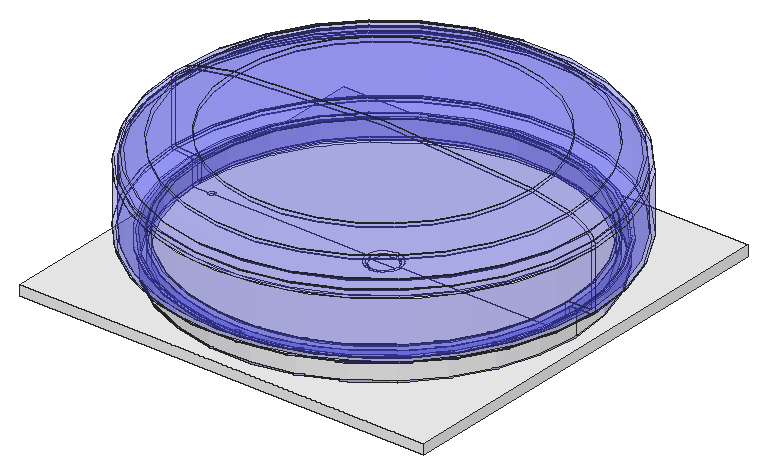
Revit family "BE_50034_de_DE", category Leuchten, Revit 2020
Family settings
  Basisbauteil = Fläche
  Bemaßung runder Anschluss = Durchmesser verwenden
  Teiletyp = Normal
  Beim Laden mit Abzugskörper schneiden = Ja
  Lichtquelle = Ja
  Gemeinsam genutzt = Nein
  Raumberechnungspunkt = Ja
Parameters (values of type "BEGA_50034_K3")
  built-in parameter 1150104 = 11.669 (stored number, unit not read)
  Wattage = 43.5 W
  Default Elevation = 0 mm
  built-in parameter 1150113 = 1 (stored number, unit not read)
  built-in parameter 1114218 = 1 (stored number, unit not read)
  Umgebungstemperatur = "25 °C"
  URL = "https://www.bega.com/de/produkt/50034"
  Typenkommentare = "© 2022 BEGA. Wir behalten uns das Recht vor, technische Änderungen ohne vorherige Ankündigung vorzunehmen."  # constant formula
  built-in parameter 1150134 = (empty or 0)
  built-in parameter 1150109 = 1 (stored number, unit not read)
  Strom = ""
  built-in parameter 1150110 = 1 (stored number, unit not read)
  Spannung = 239.996 V
  Sonderanfertigung = no
  Seriennummer [instance] = "Hier können Sie die eindeutige Seriennummer für das Facility Management eintragen."
  Schutzklasse = "I"
  Schutzart = "IP 20"
  Scheinlast = 0 VA
  Produktdatenblatt = "http://www.bega.de/download/Xrfa/db/50034.db.de.pdf"
  Oberflächentemperatur = ""
  Neigungswinkel = 0.00°
  Model = "50034K2"
  Material_17 = BEGA_Reflektor
  Material_15 = BEGA_Leuchtmedium_matt
  Material_11 = BEGA_Glas_opal
  Material_09 = BEGA_Glas_klar
  Material_06 = BEGA_Oberfläche_Edelstahl_gebürstet
  Material_03 = BEGA_Oberfläche_Weiss_matt
  Material_02 = BEGA_Oberfläche_Silber_matt
  Material_01 [instance] = BEGA_Oberfläche_Grafit_matt
  M_W = no
  M_G = no
  M_A = no
  Logo = 0
  built-in parameter 1114217 = 1 (stored number, unit not read)
  built-in parameter 1150139 = (empty or 0)
  built-in parameter 1150105 = 1101.3 (stored number, unit not read)
  built-in parameter 1150114 = 1 (stored number, unit not read)
  Lumens = 5463.6 lm
  built-in parameter 1150115 = 1 (stored number, unit not read)
  Leuchtenlichtstrom = "3387 lm"
  Leuchtenanzahl = ""
  Lebensdauerkriterien = "L70B50 @ 25 °C = 139000 h"
  Lastklassifizierung = Beleuchtung
  built-in parameter 1150112 = 1 (stored number, unit not read)
  Lampenlichtstrom = "5465 lm"
  Lamp = "LED 43.5 W"
  LED_Modulbezeichnung = "LED-0630/927"
  Hersteller = "BEGA"  # constant formula
  Halbstreuwinkel = ""
  Gewicht = "4.5 kg"
  Gebrauchslageneinschränkung [instance] = ""
  Frequenz = "0/50-60 Hz"
  Farbwiedergabeindex = "CRI > 90"
  Farbtemperaturverschiebung bei Dämpfen der Lampe = <Keine Auswahl>
  Farbtemperatur = "2700 K"
  Color Filter = 16777215
  built-in parameter 1150133 = 10 (stored number, unit not read)
  Energieeffizienzklasse = "LED A++ - A"
  built-in parameter 1150137 = (empty or 0)
  built-in parameter 1150132 = (empty or 0)
  ENEC = "ja"
  Dimmbar [instance] = ""
  Photometric Web File = "BE_50034K2.IES"
  CE_Konformität = "ja"
  Bestellnummer = "50034K2"
  Beschreibung_Sonderanfertigung = "Hier können Sie Informationen zur Sonderanfertigung eintragen."
  Beschreibung = "Decken- und Wandleuchte"
  built-in parameter 1150106 = 11.013 (stored number, unit not read)
  Befestigungsbohrung = "Ø 6 mm"
  Befestigungsabstand = "340 mm"
  Ballwurfsicher = ""
  BEGA_Intern_aus = yes
  BEGA_Intern_an = yes
  BEGA_Intern_Konstruktion = yes
  BEGA_Intern = yes
  BEGA_IES = yes
  BEGA_Dummy = no
  Anschlussleitung = ""
  Anschlussleistung [instance] = "48.7 W"
  Anschlusskasten = ""
  built-in parameter 1150107 = 2700 (stored number, unit not read)
  built-in parameter 1150102 = (empty or 0)
  built-in parameter 1150138 = (empty or 0)
  Aktualisierung = "2020-05-11T04:00:10"
  Abstand_zur_angestrahlten_Fläche [instance] = ""
  AC/DC = "AC/DC"
Types (3, lengths in mm): name | built-in parameter 1150104 | Model | built-in parameter 1150105 | Lumens | Leuchtenlichtstrom | Lampenlichtstrom | LED_Modulbezeichnung | Farbtemperatur | Photometric Web File | Bestellnummer | built-in parameter 1150106
  BEGA_50034_K3 | 11.762 (stored number, unit not read) | "50034K3" | 1110.1 (stored number, unit not read) | 5507.1 lm | "3988 lm" | "6435 lm" | "LED-0630/930" | "3000 K" | "BE_50034K3.IES" | "50034K3" | 11.101 (stored number, unit not read)
  BEGA_50034_K4 | 12.18 (stored number, unit not read) | "50034K4" | 453.82 (stored number, unit not read) | 5702.85 lm | "3988 lm" | "6435 lm" | "LED-0630/930" | "4000 K" | "BE_50034K4.IES" | "50034K4" | 4.5382 (stored number, unit not read)
  BEGA_50034_K27 | 12.18 (stored number, unit not read) | "50034K27" | 453.82 (stored number, unit not read) | 5702.85 lm | "3858 lm" | "6225 lm" | "LED-0630/927" | "2700 K" | "BE_50034K27.IES" | "50034K27" | 4.5382 (stored number, unit not read)
Reference planes
  plane 1 "Mitte (Vorne/Hinten)": y = 0
  plane 2: z = 0
  plane 3 "Mitte (Links/Rechts)": x = 0
  plane 4 "Links": x = -210
  plane 5 "Rechts": x = 210
  plane 6 "Unten": y = -210
  plane 7 "Oben": y = 210
  plane 8 "Vorne": z = 127.8
  plane 9 "Hinten": z = 0
Forms (mm)
  Extrusion 1, solid, material "BEGA_Platte_Weiss"
    sketch origin (0, -1119.2, 0) x (1, 0, 0) y (0, 1, 0)
      loop
        line (-200, 1319.2) -> (-200, 919.2) -> (200, 919.2) -> (200, 1319.2) -> (-200, 1319.2)
    from 0 to -10
  Extrusion 2, solid, material "BEGA_Dummy_matt", visible <- "BEGA_Dummy"
    sketch origin (77.149, -76.023, 0) x (1, 0, 0) y (0, 1, 0)
      loop
        circle (-77.149, 76.023) r 210
    from 0 to 127.8
Dimensions and locks
  plane 1 "Mitte (Vorne/Hinten)" to Extrusion 1 = 200 mm
  aligned and locked: plane 2 to Extrusion 1
  aligned and locked: level to Extrusion 1
Nested families
  nested 1: "BE_50034" at (0, 0, 0) x (0, -1, 0) z (0, 0, 1), type "BE_50034"
Connectors
  electrical at (0, 0, 0), driven by "Lastklassifizierung", driven by "Spannung", driven by "Scheinlast"
    settings: index 1, voltage 239.996 V, apparent load 0 VA, apparent load phase1 0 VA, apparent load phase2 0 VA, apparent load phase3 0 VA, power factor 1, load classification "Beleuchtung", number of poles 1, system type 31, power factor state 1, is connector primary yes, connector utility no, sub classification motor no, connector description ""
Definition of nested family "BE_50034"
  Parameters (values of type "BE_50034")
    Default Elevation = 1 mm
    URL = "http://www.bega.de/de/produkt"
    Type Comments = "© 2015 BEGA. Wir behalten uns das Recht vor, technische Änderungen ohne vorherige Ankündigung vorzunehmen. "  # constant formula
    Type Image = (empty or 0)
    Neigungswinkel_um_Z2 = 0.00°
    Neigungswinkel_um_Z1 = 0.00°
    Neigungswinkel_um_Y2 = 0.00°
    Neigungswinkel_um_Y1 = 0.00°
    Neigungswinkel_um_X2 = 0.00°
    Neigungswinkel_um_X1 = 0.00°
    Material_17 = none
    Material_15 = none
    Material_11 = none
    Material_09 = none
    Material_06 = none
    Material_05 = none
    Material_03 = none
    Material_02 = none
    Material_01 = none
    M_W = yes
    M_G = yes
    M_A = yes
    Länge_Platte = 600 mm  # constant formula
    Höhe_Platte = -10 mm  # constant formula
    Manufacturer = "BEGA"  # constant formula
    Drehwinkel_um_Z2 = 0.00°
    Drehwinkel_um_Z1 = 0.00°
    Breite_Platte = 600 mm  # constant formula
  Reference planes
    plane 1 "Mitte (Oben/Unten)": y = 0
    plane 2: z = 0
    plane 3 "Mitte (Links/Rechts)": x = 0
    plane 4: y = 210
    plane 5: z = 127.8
    plane 6: y = -210
    plane 7: x = -210
    plane 8: x = 210
  Forms (mm)
    Extrusion 1, solid, detail levels medium
      sketch origin (0, 0, 0) x (1, 0, 0) y (0, 1, 0)
        loop
          line (-300, 300) -> (-300, -300) -> (300, -300) -> (300, 300) -> (-300, 300)
      from 0 to -10 <- "Höhe_Platte"
    Revolve 2, solid, material <- "Material_03", detail levels medium+fine
      sketch origin (0, 0, 0) x (0, 1, 0) y (0, 0, 1)
        loop
          arc (16.416, 3.3) -> (15.11, 2.929) -> (14.191, 1.93) r 2.5
          arc (14.191, 1.93) -> (13.639, 1.325) -> (12.852, 1.1) r 1.5
          line (12.852, 1.1) -> (0.002, 1.1) -> (0.002, 0.1) -> (13.076, 0.1)
          arc (13.076, 0.1) -> (14.387, 0.471) -> (15.313, 1.475) r 2.5
          arc (15.313, 1.475) -> (15.866, 2.077) -> (16.653, 2.3) r 1.5
          line (16.653, 2.3) -> (188.667, 2.3)
          arc (188.667, 2.3) -> (190.064, 2.868) -> (190.667, 4.25) r 2
          line (190.667, 4.25) -> (191.038, 25.509)
          arc (191.038, 25.509) -> (191.277, 26.071) -> (191.842, 26.3) r 0.8
          line (191.842, 26.3) -> (194, 26.3) -> (194, 27.3) -> (191.844, 27.3)
          arc (191.844, 27.3) -> (190.578, 26.786) -> (190.038, 25.531) r 1.8
          line (190.038, 25.531) -> (189.667, 4.275)
          arc (189.667, 4.275) -> (189.365, 3.584) -> (188.667, 3.3) r 1
          line (188.667, 3.3) -> (16.416, 3.3)
        axis (0.002, 0.1) -> (0.002, 27.3)
      angle from 0 to 360
    Revolve 3, solid, material <- "Material_03", detail levels medium+fine
      sketch origin (87.5, 0, 0) x (0, 1, 0) y (0, 0, 1)
        loop
          line (151.554, 0) -> (151.554, 2.691) -> (145.799, 2.691)
          arc (145.799, 2.691) -> (148.377, 0.706) -> (151.554, 0) r 7.5
        axis (151.554, 2.691) -> (151.554, 0)
      angle from 0 to 360
    Extrusion 4, void
      sketch origin (0, 0, 0) x (1, 0, 0) y (0, 1, 0)
        loop
          circle (163, 18) r 8.5
        loop
          circle (163, -18) r 8.5
        loop
          circle (0, 170) r 3
        loop
          circle (0, -170) r 3
      from 0 to 7.205
    Revolve 5, solid, material <- "Material_11", detail levels medium+fine
      sketch origin (0, 0, 0) x (0, 1, 0) y (0, 0, 1)
        loop
          arc (185.037, 111.947) -> (166.501, 116.443) -> (147.656, 119.387) r 230
          arc (147.656, 119.387) -> (73.948, 125.695) -> (0, 127.8) r 1299.91
          line (0, 127.8) -> (0, 123.8)
          arc (0, 123.8) -> (73.763, 121.699) -> (147.287, 115.403) r 1295.91
          arc (147.287, 115.403) -> (165.775, 112.509) -> (183.961, 108.094) r 226
          arc (183.961, 108.094) -> (193.162, 104.323) -> (201.339, 98.662) r 46
          arc (201.339, 98.662) -> (203.744, 95.883) -> (205.275, 92.542) r 13
          arc (205.275, 92.542) -> (205.818, 90.189) -> (206, 87.78) r 16
          line (206, 87.78) -> (206, 32.958) -> (182.901, 31.748)
          arc (182.901, 31.748) -> (180.841, 30.798) -> (180, 28.691) r 3.061
          line (180, 28.691) -> (180, 10.3) -> (184, 10.3) -> (184, 26.851)
          arc (184, 26.851) -> (184.275, 27.539) -> (184.948, 27.85) r 1
          line (184.948, 27.85) -> (207.172, 29.014)
          arc (207.172, 29.014) -> (209.181, 29.95) -> (210, 32.009) r 3
          line (210, 32.009) -> (210, 87.839)
          arc (210, 87.839) -> (209.678, 91.376) -> (208.735, 94.8) r 20
          arc (208.735, 94.8) -> (206.78, 98.538) -> (203.964, 101.679) r 17
          arc (203.964, 101.679) -> (195.06, 107.844) -> (185.037, 111.947) r 50
        axis (0, 127.8) -> (0, 10.3)
      angle from 0 to 360
    Revolve 6, solid, material <- "Material_03", detail levels medium+fine
      sketch origin (-43.75, -75.777, 0) x (0.866025, -0.5, 0) y (0, 0, 1)
        loop
          line (151.554, 0) -> (151.554, 2.691) -> (145.799, 2.691)
          arc (145.799, 2.691) -> (148.377, 0.706) -> (151.554, 0) r 7.5
        axis (151.554, 2.691) -> (151.554, 0)
      angle from 0 to 360
    Revolve 7, solid, material <- "Material_03", detail levels medium+fine
      sketch origin (-43.75, 75.777, 0) x (-0.866025, -0.5, 0) y (0, 0, 1)
        loop
          line (151.554, 0) -> (151.554, 2.691) -> (145.799, 2.691)
          arc (145.799, 2.691) -> (148.377, 0.706) -> (151.554, 0) r 7.5
        axis (151.554, 2.691) -> (151.554, 0)
      angle from 0 to 360
  Cuts and joins
    Extrusion 4 cuts Revolve 2
    Extrusion 4 cuts Revolve 3
    joined: Revolve 2, Revolve 3, Revolve 6, Revolve 7
  Dimensions and locks
    equal spacing: Extrusion 1 sketch curve, plane 3 "Mitte (Links/Rechts)", Extrusion 1 sketch curve
    equal spacing: Extrusion 1 sketch curve, plane 1 "Mitte (Oben/Unten)", Extrusion 1 sketch curve
    "Länge_Platte": Extrusion 1 sketch curve to Extrusion 1 sketch curve
    "Breite_Platte": Extrusion 1 sketch curve to Extrusion 1 sketch curve
    aligned and locked: Extrusion 1 to plane 2
    aligned and locked: level to Extrusion 1
  Automatic sketch dimensions
    Revolve 2 sketch curve to Revolve 2 sketch curve = 0 mm  (x14)
    level to Revolve 2 sketch curve = 2.6 mm
    Revolve 2 sketch curve to plane 1 "Mitte (Oben/Unten)" = 12.849 mm
    Revolve 2 sketch curve to Revolve 2 sketch curve = 0.003 mm
    Revolve 2 sketch curve to Revolve 2 sketch curve = 0.227 mm
    Revolve 2 sketch curve to Revolve 2 sketch curve = 3.34 mm
    level to Revolve 2 sketch curve = 0.8 mm
    Revolve 2 sketch curve to Revolve 2 sketch curve = 0.005 mm
    Revolve 2 sketch curve to Revolve 2 sketch curve = 0.236 mm
    level to Revolve 2 sketch curve = 3.3 mm
    level to Revolve 2 sketch curve = 4.275 mm
    Revolve 2 sketch curve to Revolve 2 sketch curve = 1 mm  (x6)
    level to Revolve 2 sketch curve = 4.25 mm
    Revolve 2 sketch curve to Revolve 2 sketch curve = 0.8 mm
    Revolve 2 sketch curve to Revolve 2 sketch curve = 0.004 mm  (x2)
    Revolve 2 sketch curve to Revolve 2 sketch curve = 0.002 mm
    Revolve 2 sketch curve to Revolve 2 sketch curve = 2.158 mm
    level to Revolve 2 sketch curve = 0.1 mm
    Revolve 2 sketch curve to Revolve 2 sketch curve = 21.25 mm
    Revolve 2 sketch curve to Revolve 2 sketch curve = 0.009 mm
    Revolve 2 sketch curve to plane 1 "Mitte (Oben/Unten)" = 0.002 mm
    Revolve 2 sketch curve to Revolve 2 sketch curve = 1.118 mm
    Revolve 3 sketch curve to Revolve 3 sketch curve = 0 mm  (x3)
    Revolve 3 sketch curve to Revolve 3 sketch curve = 4.809 mm
    Revolve 3 sketch curve to Revolve 3 sketch curve = 2.309 mm
    Revolve 3 sketch curve to Revolve 3 sketch curve = 5.756 mm
    Revolve 6 sketch curve to Revolve 6 sketch curve = 0 mm  (x3)
    Revolve 6 sketch curve to Revolve 6 sketch curve = 4.809 mm
    Revolve 6 sketch curve to Revolve 6 sketch curve = 2.309 mm
    Revolve 6 sketch curve to Revolve 6 sketch curve = 5.756 mm
    Revolve 7 sketch curve to Revolve 7 sketch curve = 0 mm  (x3)
    Revolve 7 sketch curve to Revolve 7 sketch curve = 4.809 mm
    Revolve 7 sketch curve to Revolve 7 sketch curve = 2.309 mm
    Revolve 7 sketch curve to Revolve 7 sketch curve = 5.756 mm
    Revolve 3 sketch curve to level = 0 mm
    Revolve 6 sketch curve to level = 0 mm
    level to Revolve 7 sketch curve = 0 mm
    plane 1 "Mitte (Oben/Unten)" to Extrusion 4 sketch curve = 18 mm
    Extrusion 4 sketch curve to plane 1 "Mitte (Oben/Unten)" = 18 mm
    Revolve 5 sketch curve to Revolve 5 sketch curve = 0 mm  (x18)
    plane 1 "Mitte (Oben/Unten)" to Revolve 5 sketch curve = 0 mm
    Revolve 5 sketch curve to plane 1 "Mitte (Oben/Unten)" = 0.006 mm
    Revolve 5 sketch curve to Revolve 5 sketch curve = 2.901 mm
    Revolve 5 sketch curve to Revolve 5 sketch curve = 3.061 mm
    Revolve 5 sketch curve to Revolve 5 sketch curve = 4 mm  (x3)
    Revolve 5 sketch curve to Revolve 5 sketch curve = 1 mm  (x2)
    Revolve 5 sketch curve to Revolve 5 sketch curve = 2.81 mm
    Revolve 5 sketch curve to Revolve 5 sketch curve = 13.19 mm
    Revolve 5 sketch curve to Revolve 5 sketch curve = 0.172 mm
    Revolve 5 sketch curve to level = 1172.111 mm
    Revolve 5 sketch curve to level = 109.132 mm
    level to Revolve 5 sketch curve = 10.3 mm
    Revolve 5 sketch curve to Revolve 5 sketch curve = 16.551 mm
    Revolve 5 sketch curve to Revolve 5 sketch curve = 1.84 mm
    Revolve 5 sketch curve to Revolve 5 sketch curve = 2.163 mm
    Revolve 5 sketch curve to Revolve 5 sketch curve = 2.995 mm
    Revolve 5 sketch curve to Revolve 5 sketch curve = 0.949 mm
    Revolve 5 sketch curve to Revolve 5 sketch curve = 32.146 mm
    Revolve 5 sketch curve to Revolve 5 sketch curve = 0.02 mm
    Revolve 5 sketch curve to Revolve 5 sketch curve = 0.059 mm
    Revolve 5 sketch curve to Revolve 5 sketch curve = 1.05 mm
    Revolve 5 sketch curve to Revolve 5 sketch curve = 0.369 mm
    Revolve 5 sketch curve to Revolve 5 sketch curve = 6.039 mm
    Revolve 5 sketch curve to Revolve 5 sketch curve = 0.052 mm
    Revolve 5 sketch curve to Revolve 5 sketch curve = 2.626 mm
    Revolve 5 sketch curve to Revolve 5 sketch curve = 3.46 mm
    Revolve 5 sketch curve to Revolve 5 sketch curve = 23.886 mm
    level to Revolve 5 sketch curve = 123.8 mm
    Revolve 5 sketch curve to Revolve 5 sketch curve = 1.076 mm
    Revolve 5 sketch curve to Revolve 5 sketch curve = 4.661 mm
    Revolve 5 sketch curve to Revolve 5 sketch curve = 0.725 mm
    Revolve 5 sketch curve to Revolve 5 sketch curve = 6.968 mm
    Revolve 2 sketch curve to Revolve 2 sketch curve = 172.015 mm
    Revolve 2 sketch curve to Revolve 2 sketch curve = 0.371 mm
    Revolve 3 sketch curve to plane 1 "Mitte (Oben/Unten)" = 145.799 mm
    Revolve 5 sketch curve to plane 1 "Mitte (Oben/Unten)" = 121.603 mm
    Revolve 5 sketch curve to plane 1 "Mitte (Oben/Unten)" = 171.218 mm
    Revolve 5 sketch curve to Revolve 5 sketch curve = 8.782 mm
    Revolve 5 sketch curve to Revolve 5 sketch curve = 18.782 mm
    Revolve 5 sketch curve to Revolve 5 sketch curve = 36.674 mm
    Extrusion 4 sketch curve to plane 3 "Mitte (Links/Rechts)" = 0 mm  (x2)
    plane 3 "Mitte (Links/Rechts)" to Extrusion 4 sketch curve = 163 mm
    Extrusion 4 sketch curve to Extrusion 4 sketch curve = 0 mm
    plane 6 to Extrusion 4 sketch curve = 40 mm
    plane 4 to Extrusion 4 sketch curve = 40 mm
    radius of Extrusion 4 sketch curve = 8.5 mm  (x2)
    radius of Extrusion 4 sketch curve = 3 mm  (x2)
